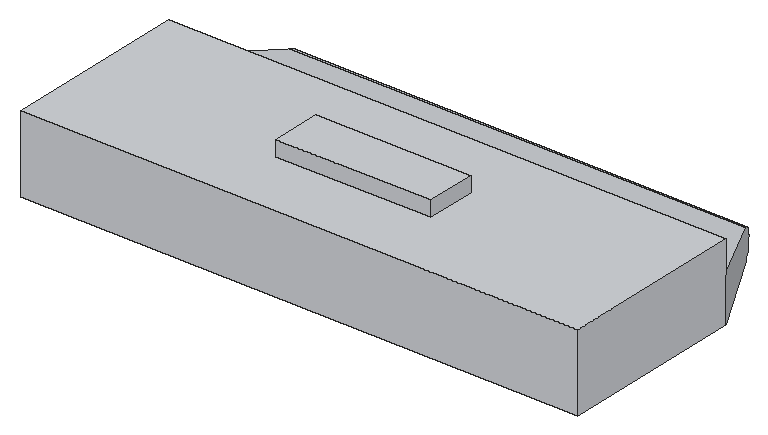
Revit family "9edb2cbded014242b293576cdaf72281", category Air Terminals, Revit 2021
Family settings
  Round Connector Dimension = Use Diameter
  Part Type = Normal
  OmniClass Number = 23.40.40.14.21.11
  OmniClass Title = Food Service Hoods
  Seek Item ID = Range Hood - Top Rectangular Ducted-0000-USA-ENU
  Work Plane-Based = No
  Always vertical = Yes
  Cut with Voids When Loaded = No
  Shared = No
  Room Calculation Point = No
Parameters (values of type "36"x12"")
  Voltage = 120 V
  Pressure Drop [instance] = 0.20 in-wg
  Number of Poles = 1
  Load Classification = Cooling
  Hood Material = none
  Hood Length = 3' - 0"
  Half Hood Length = 0.5 * Hood Length  # 1' - 6"
  Default Elevation = 0' - 0"
  C2 Offset 2 = 0' - 11 1/8"
  C2 Offset 1 = 0' - 5 11/16"
  Apparent Load = 252 VA
  Air Flow [instance] = 180 CFM
Types (4): name | Pressure Drop | Hood Length | Half Hood Length
  (no name) | 0.20 in-wg | 3' - 0" | 1' - 6"
  24"x12" | 0.20 in-wg | 2' - 0" | 1' - 0"
  30"x12" | 0.00 in-wg | 2' - 6" | 1' - 3"
  36"x12" | 0.20 in-wg | 3' - 0" | 1' - 6"
Reference planes (in)
  plane 1 "Center (Front/Back)": y = 0
  plane 2: z = 0
  plane 3 "Center (Left/Right)": x = 0
  plane 4: x = -18
  plane 5: x = 18
  plane 6: y = 6
  plane 7: y = -6
  plane 8: z = 5
  plane 9: y = 11.4375
  plane 10: y = 11.90625
  plane 11: z = 1
  plane 12: z = 3
  plane 13: z = 6
  plane 14: y = 1.625
  plane 15: y = -1.625
  plane 16: x = -5
  plane 17: x = 5
  plane 18: y = 12.90625
Forms (in)
  Extrusion 1, solid
    sketch origin (0, 0, 0) x (0, 1, 0) y (0, 0, 1)
      loop
        line (6, 5) -> (-6, 5) -> (-6, 0) -> (6, 0) -> (6, 5)
    from -18 to 18
  Extrusion 2, solid
    sketch origin (0, 0, 0) x (0, 1, 0) y (0, 0, 1)
      loop
        line (6, 0) -> (11.4375, 0)
        arc (11.4375, 0) -> (12.4335, 0.91063) -> (11.61553, 1.98402) r 1
        line (11.61553, 1.98402) -> (6, 3) -> (6, 0)
    from -18 to 18
  Extrusion 3, solid
    sketch origin (0, 0, 0) x (1, 0, 0) y (0, 1, 0)
      loop
        line (-5, 1.625) -> (-5, -1.625) -> (5, -1.625) -> (5, 1.625) -> (-5, 1.625)
    from 5 to 6
  Extrusion 4, void
    sketch origin (0, 0, 0) x (1, 0, 0) y (0, 1, 0)
      loop
        line (-18, 6) -> (-14.01267, 12.90625) -> (-18, 12.90625) -> (-18, 6)
      loop
        line (18, 6) -> (18, 12.90625) -> (14.01267, 12.90625) -> (18, 6)
    from 0 to 3
Cuts and joins
  Extrusion 4 cuts Extrusion 1
  Extrusion 4 cuts Extrusion 2
Dimensions and locks (in)
  "Half Hood Length": plane 4 to plane 3 "Center (Left/Right)"
  "Half Hood Length": plane 3 "Center (Left/Right)" to plane 5
  locked: plane 6 to plane 1 "Center (Front/Back)" at 6
  locked: plane 1 "Center (Front/Back)" to plane 7 at 6
  locked: plane 8 to plane 2 at 5
  locked: plane 9 to plane 6 at 5.4375
  locked: plane 10 to plane 9 at 0.46875
  locked: plane 11 to plane 2 at 1
  locked: plane 12 to plane 2 at 3
  locked: plane 13 to plane 8 at 1
  locked: plane 14 to plane 1 "Center (Front/Back)" at 1.625
  locked: plane 15 to plane 1 "Center (Front/Back)" at 1.625
  locked: plane 16 to plane 3 "Center (Left/Right)" at 5
  locked: plane 3 "Center (Left/Right)" to plane 17 at 5
  "C2 Offset 1": connector elem to plane 4
  "C2 Offset 2": connector elem to Extrusion 2
  locked: plane 18 to plane 10 at 1
  radius of Extrusion 2 sketch curve = 0' - 1"
  locked: Extrusion 4 sketch curve to Extrusion 2 (angle 30.00°)
  locked: Extrusion 2 to Extrusion 4 sketch curve (angle 30.00°)
  aligned and locked: plane 6 to Extrusion 1 sketch curve
  aligned and locked: plane 8 to Extrusion 1 sketch curve
  aligned and locked: plane 2 to Extrusion 1 sketch curve
  aligned and locked: Extrusion 1 sketch curve to plane 7
  aligned and locked: Extrusion 1 to plane 4
  aligned and locked: plane 5 to Extrusion 1
  aligned and locked: plane 2 to Extrusion 2 sketch curve
  aligned and locked: plane 6 to Extrusion 2 sketch curve
  aligned and locked: plane 9 to Extrusion 2 sketch curve  (x2)
  aligned and locked: plane 11 to Extrusion 2 sketch curve
  aligned and locked: Extrusion 2 sketch curve to plane 6
  aligned and locked: plane 12 to Extrusion 2 sketch curve
  aligned and locked: Extrusion 2 to plane 4
  aligned and locked: plane 5 to Extrusion 2
  aligned and locked: plane 16 to Extrusion 3 sketch curve
  aligned and locked: Extrusion 3 sketch curve to plane 14
  aligned and locked: plane 15 to Extrusion 3 sketch curve
  aligned and locked: plane 17 to Extrusion 3 sketch curve
  aligned and locked: Extrusion 3 to plane 8
  aligned and locked: plane 13 to Extrusion 3
  aligned and locked: Extrusion 4 sketch curve to plane 18
  aligned and locked: plane 6 to Extrusion 4 sketch curve  (x2)
  aligned and locked: plane 4 to Extrusion 4 sketch curve
  aligned and locked: plane 5 to Extrusion 4 sketch curve
  aligned and locked: plane 18 to Extrusion 4 sketch curve
  aligned and locked: Extrusion 4 to plane 2
  aligned and locked: plane 12 to Extrusion 4
Automatic sketch dimensions
  Extrusion 2 sketch curve to plane 9 = 0' - 0.17803"
  Extrusion 2 sketch curve to Extrusion 2 sketch curve = 0' - 0"
Connectors (in)
  hvac at (0, 0, 6), driven by "Air Flow", driven by "Pressure Drop"
    settings: on Extrusion 3, index 1, duct flow 180 CFM, flow factor 0, pres drop 0.20 in-wg, loss coef 0, conn angle 0.00°, conn width 10", conn height 3 1/4", conn diameter 24", duct sys type 3, conn prof type 1, flow config 1, flow direction 2, loss method 4, conn ref index -1, conn util no, is conn primary yes, conn desc ""
  electrical at (-12.3125, -5.125, 5), driven by "Apparent Load", driven by "Voltage", driven by "Number of Poles", driven by "Load Classification"
    settings: on plane 8, index 2, voltage 120 V, apparent load 252 VA, apparent load phase1 0 VA, apparent load phase2 0 VA, apparent load phase3 0 VA, power factor 0.8, load classification "Cooling", number of poles 1, system type 30, power factor state 1, is connector primary yes, connector utility no, sub classification motor no, connector description ""
